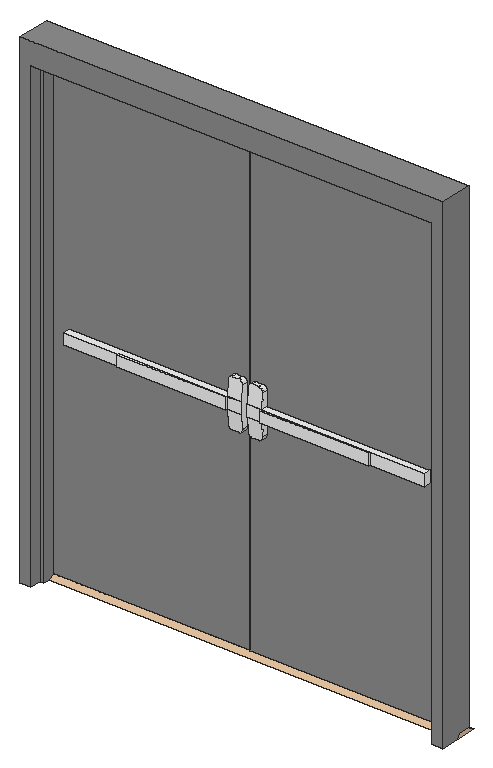
Revit family "M_Porta-Externa-Dupla", category Portas, Revit 2019
Family settings
  Hospedeiro = Parede
  Número OmniClass = 23.30.10.00
  Título OmniClass = Doors
  Sempre na vertical = Sim
  Corte com vazios quando carregada = Não
  Compartilhado = Não
  Ponto de cálculo do ambiente = Não
Parameters
  Visual Light Transmittance = 0
  Comprimento do limite [instance] = if(Moldura de alvenaria, Largura + 100 mm, Largura)  # 1900 mm
  Limite [instance] = yes
  Deslocamento do limite [instance] = if(Limite, 15 mm, 0 mm)  # 15 mm
  Material do limite = Cerejeira
  Espessura = 45 mm
  Resistência térmica (R) = 0.270118 (m²·K)/W
  Ângulo de abertura [instance] = 90.00°
  Altura do traçado = 1000 mm
  Solar Heat Gain Coefficient = 0
  SinglePanelWidth = Largura / 2  # 900 mm
  Rough Width [instance] = Largura + MFOpeningWidth  # 1900 mm
  Rough Height [instance] = Height + MFOpeningHeight  # 2200 mm
  Material da barra de pânico = Metal - Aço inoxidável
  Material do painel = Metal - Pintado - Cinza
  Moldura de alvenaria [instance] = yes
  MFOpeningHeight [instance] = if(Moldura de alvenaria, 100 mm, 30 mm)  # 100 mm
  MFOpeningWidth [instance] = if(Moldura de alvenaria, 100 mm, 60 mm)  # 100 mm
  Calcular inserção [instance] = if(Moldura de alvenaria, Inserção de alvenaria + 80 mm, 80 mm)  # 105 mm
  Inserção de alvenaria [instance] = 25 mm
  Height = 2100 mm
  Fechamento da parede = Por hospedeiro
  Largura = 1800 mm
  Coeficiente de transferência de calor (U) = 3.70223 W/(m²·K)
  Função = Exterior
  Material da moldura = Metal - Pintado - Cinza
  Profundidade da moldura de alvenaria = 150 mm
  Extração de material externo = Metal - Aço inoxidável
  Moldura de Dry Wall [instance] = not(Moldura de alvenaria)  # no
  Código de montagem = "B2030200"
  Construção analítica = "Metal"
Reference planes
  plane 1 "Centro (Frente/Trás)": y = 0
  plane 2 "Centro (Esquerda/Direita)": x = 0
  plane 3 "Esquerda": x = -950
  plane 4 "Direita": x = 950
  plane 5 "Superior": z = 2200
  plane 6 "Exterior": y = 107.95
  plane 7 "Interior": y = -95.25
  plane 8 "Painel direito da porta": x = -900
  plane 9 "Painel esquerdo da porta": x = 900
  plane 10 "Topo do painel": z = 2100
  plane 11: z = 0
  plane 12 "Face da porta interna": y = 37.95
  plane 13: z = 1000
  plane 14 "1": y = 82.95
  plane 15: y = -67.05
  plane 16: y = 33.187
  plane 17: x = -884.125
  plane 18: y = -17.838
  plane 19: z = 2149.2
  plane 20: y = 187.95
  plane 21: z = 2150
  plane 22: x = 920.05
  plane 23: x = 969.05
  plane 24: y = 120.65
  plane 25: y = -107.95
  plane 26: x = 904.175
  plane 27: y = 33.187
  plane 28: y = -4.913
  plane 29: y = 60.45
  plane 30: z = 1057.5
  plane 31: z = 15
  plane 32: z = 15
  plane 33: y = 215.9
  plane 34: x = -76.2
  plane 35: x = 76.2
Forms (mm)
  Extrusion 1, solid, material "Metal - Pintado - Cinza" <- "Material do painel"
    sketch origin (0, 0, 0) x (1, 0, 0) y (0, 0, 1)
      loop
        line (900, 2100) -> (1.587, 2100) -> (1.587, 15) -> (900, 15) -> (900, 2100)
      loop
        line (-900, 15) -> (-1.588, 15) -> (-1.588, 2100) -> (-900, 2100) -> (-900, 15)
    from -82.95 to -37.95
  Sweep 2, solid, material "Metal - Pintado - Cinza" <- "Material da moldura", visible <- "Moldura de alvenaria"
    path origin (0, 107.95, 0) x (1, 0, 0) y (0, 0, 1)
      loop
        line (950, 0) -> (950, 2150) -> (-950, 2150) -> (-950, 0)
    profile origin (-950, 107.95, 1075) x (0, -1, 0) y (1, 0, 0)
      loop
        line (25, 50) -> (25, 0) -> (175, 0) -> (175, 50) -> (125.787, 50) -> (125.787, 65.875) -> (74.762, 65.875) -> (74.762, 50) -> (25, 50)
  Extrusion 3, solid, material "Metal - Pintado - Cinza" <- "Material da moldura", visible <- "Moldura de alvenaria"
    sketch origin (0, 0, 0) x (0, 1, 0) y (0, 0, 1)
      loop
        line (82.95, 2200) -> (-67.05, 2200) -> (-67.05, 2149.2) -> (82.95, 2149.2) -> (82.95, 2200)
    from -950 to 950
  Sweep 4, solid, material "Metal - Pintado - Cinza" <- "Material da moldura", visible <- "Moldura de Dry Wall"
    path origin (0, 107.95, 0) x (1, 0, 0) y (0, 0, 1)
      loop
        line (950, 0) -> (950, 2200) -> (-950, 2200) -> (-950, 0)
    profile origin (950, 107.95, 1100) x (-1, 0, 0) y (0, -1, 0)
      loop
        line (-19.05, -12.7) -> (29.95, -12.7) -> (29.95, 74.762) -> (45.825, 74.762) -> (45.825, 112.862) -> (29.95, 112.862) -> (29.95, 215.9) -> (-19.05, 215.9) -> (-19.05, 203.2) -> (0, 203.2) -> (0, 0) -> (-19.05, 0) -> (-19.05, -12.7)
Cuts and joins
  joined: Sweep 2, Extrusion 3
Lines and regions (mm)
  Opening 1
    outline origin (-2286, -95.25, 0) x (1, 0, 0) y (0, 0, 1)
      loop
        line (1336, 0) -> (3236, 0) -> (3236, 2200) -> (1336, 2200) -> (1336, 0)
  Masking region 1, visible <- "Moldura de alvenaria", detail levels coarse+medium
    outline origin (0, 0, 0) x (1, 0, 0) y (0, 1, 0)
      loop
        line (-950, 82.95) -> (-950, -67.05) -> (-900, -67.05) -> (-900, 82.95) -> (-950, 82.95)
      loop
        line (950, 82.95) -> (900, 82.95) -> (900, -67.05) -> (950, -67.05) -> (950, 82.95)
  Masking region 2, visible <- "Moldura de alvenaria", detail levels fine
    outline origin (0, 0, 0) x (1, 0, 0) y (0, 1, 0)
      loop
        line (-950, 82.95) -> (-950, -67.05) -> (-900, -67.05) -> (-900, -17.838) -> (-884.125, -17.838) -> (-884.125, 33.187) -> (-900, 33.187) -> (-900, 82.95) -> (-950, 82.95)
      loop
        line (950, 82.95) -> (900, 82.95) -> (900, 33.187) -> (884.125, 33.187) -> (884.125, -17.838) -> (900, -17.838) -> (900, -67.05) -> (950, -67.05) -> (950, 82.95)
  Masking region 3, visible <- "Moldura de Dry Wall", detail levels coarse+medium
    outline origin (0, 0, 0) x (1, 0, 0) y (0, 1, 0)
      loop
        line (920.05, -95.25) -> (950, -95.25) -> (950, 107.95) -> (920.05, 107.95) -> (920.05, -95.25)
      loop
        line (-950, 107.95) -> (-950, -95.25) -> (-920.05, -95.25) -> (-920.05, 107.95) -> (-950, 107.95)
  Masking region 4, visible <- "Moldura de Dry Wall", detail levels fine
    outline origin (0, 0, 0) x (1, 0, 0) y (0, 1, 0)
      loop
        line (-969.05, 120.65) -> (-969.05, 107.95) -> (-950, 107.95) -> (-950, -95.25) -> (-969.05, -95.25) -> (-969.05, -107.95) -> (-920.05, -107.95) -> (-920.05, -4.913) -> (-904.175, -4.913) -> (-904.175, 33.187) -> (-920.05, 33.187) -> (-920.05, 120.65) -> (-969.05, 120.65)
      loop
        line (969.05, 107.95) -> (969.05, 120.65) -> (920.05, 120.65) -> (920.05, 33.187) -> (904.175, 33.187) -> (904.175, -4.913) -> (920.05, -4.913) -> (920.05, -107.95) -> (969.05, -107.95) -> (969.05, -95.25) -> (950, -95.25) -> (950, 107.95) -> (969.05, 107.95)
  symbolic lines, style "Giro da elevação"
    curve 1: line (0, 0, 2100) -> (900, 0, 1057.5)
    curve 2: line (900, 0, 1057.5) -> (0, 0, 14.954)
    curve 3: line (-900, 0, 1057.5) -> (0, 0, 2100)
    curve 4: line (-900, 0, 1057.5) -> (0, 0, 14.954)
Text (mm)
  text "Exterior" at (-1904.17, 693.701, 0), in view "Nível de referência"
  text "Interior" at (-1904.17, -638.649, 0), in view "Nível de referência"
  text "Exterior" at (0, 1019.848, 3124.603), in view "Direita"
  text "Interior" at (0, -1635.541, 3124.603), in view "Direita"
  text "Interior" at (0, -787.806, 3124.376), in view "Esquerda"
  text "Exterior" at (0, 1386.095, 3124.376), in view "Esquerda"
Dimensions and locks
  equal spacing: plane 3 "Esquerda", plane 2 "Centro (Esquerda/Direita)", plane 4 "Direita"
  "Rough Height": level to plane 5 "Superior"
  equal spacing: plane 8 "Painel direito da porta", plane 2 "Centro (Esquerda/Direita)", plane 9 "Painel esquerdo da porta"
  "Largura": plane 8 "Painel direito da porta" to plane 9 "Painel esquerdo da porta"
  "Height": level to plane 10 "Topo do painel"
  "Rough Width": plane 3 "Esquerda" to plane 4 "Direita"
  "Espessura": plane 14 "1" to plane 12 "Face da porta interna"
  "Profundidade da moldura de alvenaria": plane 14 "1" to plane 15
  locked: plane 12 "Face da porta interna" to plane 16 at 4.763
  locked: plane 15 to plane 18 at 49.213
  locked: plane 8 "Painel direito da porta" to plane 17 at 15.875
  locked: plane 19 to plane 5 "Superior" at 50.8
  locked: plane 6 "Exterior" to plane 20 at 80
  "Calcular inserção": plane 20 to plane 14 "1"
  locked: plane 10 "Topo do painel" to plane 21 at 50
  locked: plane 4 "Direita" to plane 23 at 19.05
  locked: plane 6 "Exterior" to plane 24 at 12.7
  locked: plane 25 to plane 7 "Interior" at 12.7
  locked: plane 22 to plane 23 at 49
  plane 12 "Face da porta interna" to plane 27 to plane 28 = 4.763 mm locked, 38.1 mm locked
  locked: plane 26 to plane 22 at 15.875
  "Altura do traçado": plane 11 to plane 13
  locked: Extrusion 1 sketch curve to plane 2 "Centro (Esquerda/Direita)" at 1.588
  locked: plane 2 "Centro (Esquerda/Direita)" to Extrusion 1 sketch curve at 1.587
  equal spacing: plane 14 "1", plane 29, plane 12 "Face da porta interna"
  locked: plane 31 to plane 32
  equal spacing: plane 31, plane 30, plane 10 "Topo do painel"
  "Deslocamento do limite": plane 32 to plane 11
  equal spacing: plane 35, plane 2 "Centro (Esquerda/Direita)", plane 34
  locked: plane 35 to plane 2 "Centro (Esquerda/Direita)" at 76.2
  aligned and locked: plane 3 "Esquerda" to Opening 1 sketch curve
  aligned and locked: plane 5 "Superior" to Opening 1 sketch curve  (x2)
  aligned and locked: Opening 1 sketch curve to plane 4 "Direita"
  aligned and locked: Opening 1 sketch curve to level
  aligned and locked: plane 6 "Exterior" to host wall
  aligned and locked: plane 7 "Interior" to host wall
  aligned and locked: plane 11 to level
  aligned and locked: Extrusion 1 sketch curve to plane 10 "Topo do painel"
  aligned and locked: Extrusion 1 sketch curve to plane 8 "Painel direito da porta"
  aligned and locked: plane 9 "Painel esquerdo da porta" to Extrusion 1 sketch curve
  aligned and locked: Extrusion 1 to plane 12 "Face da porta interna"
  aligned and locked: nested 1 to plane 9 "Painel esquerdo da porta"
  aligned and locked: nested 1 to plane 14 "1"
  aligned and locked: Extrusion 1 to nested 1
  aligned and locked: Sweep 2 sketch curve to plane 3 "Esquerda"  (x2)
  aligned and locked: plane 11 to Sweep 2 sketch curve  (x2)
  aligned and locked: plane 17 to Sweep 2 sketch curve
  aligned and locked: plane 8 "Painel direito da porta" to Sweep 2 sketch curve  (x2)
  aligned and locked: Sweep 2 sketch curve to plane 16
  aligned and locked: plane 18 to Sweep 2 sketch curve
  aligned and locked: plane 15 to Sweep 2 sketch curve
  aligned and locked: Sweep 2 sketch curve to plane 14 "1"
  aligned and locked: Sweep 2 sketch curve to plane 4 "Direita"
  aligned and locked: plane 5 "Superior" to Extrusion 3 sketch curve
  aligned and locked: Extrusion 3 sketch curve to plane 15
  aligned and locked: Extrusion 3 sketch curve to plane 14 "1"
  aligned and locked: plane 19 to Extrusion 3 sketch curve
  aligned and locked: cut or joined group of Sweep 2, Extrusion 3 to plane 4 "Direita"
  aligned and locked: plane 3 "Esquerda" to cut or joined group of Sweep 2, Extrusion 3
  aligned and locked: Masking region 1 sketch curve to plane 14 "1"  (x2)
  aligned and locked: plane 8 "Painel direito da porta" to Masking region 1 sketch curve
  aligned and locked: plane 15 to Masking region 1 sketch curve  (x2)
  aligned and locked: Masking region 1 sketch curve to plane 3 "Esquerda"
  aligned and locked: Masking region 1 sketch curve to plane 4 "Direita"
  aligned and locked: plane 9 "Painel esquerdo da porta" to Masking region 1 sketch curve
  aligned and locked: Masking region 2 sketch curve to plane 3 "Esquerda"
  aligned and locked: plane 15 to Masking region 2 sketch curve  (x2)
  aligned and locked: plane 8 "Painel direito da porta" to Masking region 2 sketch curve  (x2)
  aligned and locked: Masking region 2 sketch curve to plane 14 "1"  (x2)
  aligned and locked: Masking region 2 sketch curve to cut or joined group of Sweep 2, Extrusion 3  (x4)
  aligned and locked: Masking region 2 sketch curve to plane 4 "Direita"
  aligned and locked: plane 9 "Painel esquerdo da porta" to Masking region 2 sketch curve  (x2)
  aligned and locked: cut or joined group of Sweep 2, Extrusion 3 to Masking region 2 sketch curve  (x2)
  aligned and locked: Sweep 2 sketch curve to plane 21
  aligned and locked: plane 4 "Direita" to Sweep 4 sketch curve
  aligned and locked: Sweep 4 sketch curve to plane 3 "Esquerda"
  aligned and locked: plane 23 to Sweep 4 sketch curve  (x2)
  aligned and locked: Sweep 4 sketch curve to plane 7 "Interior"
  aligned and locked: plane 25 to Sweep 4 sketch curve
  aligned and locked: Sweep 4 sketch curve to plane 22  (x2)
  aligned and locked: plane 28 to Sweep 4 sketch curve
  aligned and locked: plane 26 to Sweep 4 sketch curve
  aligned and locked: Sweep 4 sketch curve to plane 27
  aligned and locked: Sweep 4 sketch curve to plane 24
  aligned and locked: plane 6 "Exterior" to Sweep 4 sketch curve
  aligned and locked: Sweep 4 sketch curve to plane 4 "Direita"
  aligned and locked: plane 5 "Superior" to Sweep 4 sketch curve
  aligned and locked: Masking region 3 sketch curve to plane 6 "Exterior"
  aligned and locked: plane 7 "Interior" to Masking region 3 sketch curve
  aligned and locked: Masking region 3 sketch curve to plane 4 "Direita"
  aligned and locked: Masking region 3 sketch curve to Sweep 4  (x2)
  aligned and locked: plane 6 "Exterior" to Masking region 3 sketch curve
  aligned and locked: Masking region 3 sketch curve to plane 3 "Esquerda"
  aligned and locked: Masking region 3 sketch curve to plane 7 "Interior"
  aligned and locked: Masking region 4 sketch curve to plane 3 "Esquerda"
  aligned and locked: Masking region 4 sketch curve to Sweep 4  (x13)
  aligned and locked: Masking region 4 sketch curve to plane 6 "Exterior"
  aligned and locked: plane 7 "Interior" to Masking region 4 sketch curve
  aligned and locked: Masking region 4 sketch curve to plane 4 "Direita"
  aligned and locked: Masking region 4 sketch curve to plane 7 "Interior"
  aligned and locked: Sweep 4 to Masking region 4 sketch curve  (x5)
  aligned and locked: plane 6 "Exterior" to Masking region 4 sketch curve
  aligned and locked: plane 11 to Sweep 4 sketch curve  (x2)
  aligned and locked: nested 2 to plane 8 "Painel direito da porta"
  aligned and locked: plane 14 "1" to nested 2
  aligned and locked: plane 31 to Extrusion 1 sketch curve  (x2)
  aligned and locked: plane 2 "Centro (Esquerda/Direita)" to curve 2
  aligned and locked: plane 13 to nested 3
  aligned and locked: plane 13 to nested 4
  aligned and locked: nested 3 to plane 34
  aligned and locked: plane 35 to nested 4
  aligned and locked: plane 13 to nested 5
  aligned and locked: plane 35 to nested 5
  aligned and locked: nested 7 to plane 34
  aligned and locked: nested 7 to plane 13
  aligned and locked: plane 12 "Face da porta interna" to nested 7
  aligned and locked: nested 5 to plane 12 "Face da porta interna"
  aligned and locked: nested 3 to Extrusion 1
  aligned and locked: nested 4 to Extrusion 1
  aligned and locked: nested 6 to plane 2 "Centro (Esquerda/Direita)"
  aligned and locked: plane 29 to nested 6
Automatic sketch dimensions
  Extrusion 1 sketch curve to plane 10 "Topo do painel" = 0 mm
  plane 8 "Painel direito da porta" to curve 4 = 0 mm
  curve 3 to plane 2 "Centro (Esquerda/Direita)" = 0 mm
  plane 9 "Painel esquerdo da porta" to curve 2 = 0 mm
  curve 2 to plane 30 = 0 mm
  curve 3 to plane 30 = 0 mm
  curve 3 to plane 10 "Topo do painel" = 0 mm
  curve 4 to plane 31 = 0.046 mm
Nested families
  nested 1: "Porta com abertura única" at (900, 82.95, 0), Ângulo de abertura <- "Ângulo de abertura", type "Único"
    with Abertura visível yes, Ângulo de abertura 90.00°, Ângulo real 90.00°
  nested 2: "Porta com abertura única" at (-900, 82.95, 0) x (-1, 0, 0) z (0, 0, 1), Ângulo de abertura <- "Ângulo de abertura", type "Único"
    with Abertura visível yes, Ângulo de abertura 90.00°, Ângulo real 90.00°
  nested 3: "M_Extremidade externa" at (-76.2, 82.95, 1000), type "Com tranca", detail levels fine
    with Largura 80 mm, Espessura 15 mm, Height 350 mm
  nested 4: "M_Extremidade externa" at (76.2, 82.95, 1000), type "Sem tranca", detail levels fine
    with Largura 80 mm, Espessura 15 mm, Height 350 mm
  nested 5: "M_Barra de pânico" at (76.2, 37.95, 1000), type "Padrão", detail levels fine
    with Largura do painel da porta 900 mm, Comprimento total 798.4 mm
  nested 6: "Limite" at (0, 60.45, 0) x (0, -1, 0) z (0, 0, 1), visible <- "Limite", type "Limite"
    with Comprimento do limite 1900 mm, Largura do painel 45 mm
  nested 7: "M_Barra de pânico" at (-76.2, 37.95, 1000) x (-1, 0, 0) z (0, 0, 1), type "Padrão", detail levels fine
    with Largura do painel da porta 900 mm, Comprimento total 798.4 mm
Definition of nested family "M_Extremidade externa"
  Parameters (values of type "Com tranca")
    Width = 76.2 mm
    Thickness = 12.7 mm
    Material = none
    Tranca = yes
    Height = 355.6 mm
    Analytic Construction = "<Nenhum>"
  Types (2, lengths in mm): name | Tranca
    Com tranca | yes
    Sem tranca | no
  Reference planes
    plane 1 "Centro (Frente/Trás)": y = 0
    plane 2: z = 0
    plane 3 "Centro (Esquerda/Direita)": x = 0
    plane 4: z = -177.8
    plane 5: z = 177.8
    plane 6: x = 38.1
    plane 7: x = -38.1
    plane 8: z = 101.6
    plane 9: y = -6.35
    plane 10: y = 8.467
    plane 11: y = 12.7
    plane 12: y = 21.431
  Forms (mm)
    Extrusion 1, solid, material <- "Material"
      sketch origin (0, 0, 0) x (1, 0, 0) y (0, 0, 1)
        loop
          line (38.1, -177.8) -> (38.1, 177.8)
          arc (38.1, 177.8) -> (0, 186.335) -> (-38.1, 177.8) r 89.302
          line (-38.1, 177.8) -> (-38.1, -177.8)
          arc (-38.1, -177.8) -> (0, -186.335) -> (38.1, -177.8) r 89.302
      from -12.7 to 0
    Extrusion 2, solid, material <- "Material", visible <- "Tranca"
      sketch origin (0, 0, 0) x (1, 0, 0) y (0, 0, 1)
        loop
          circle (0, 101.6) r 19
      from -21.431 to -12.7
    Sweep 3, solid, material <- "Material"
      path origin (0, 0, 0) x (0, 1, 0) y (0, 0, 1)
        loop
          line (12.7, 0) -> (38.1, 0)
          arc (38.1, 0) -> (47.08, -3.72) -> (50.8, -12.7) r 12.7
          line (50.8, -12.7) -> (50.8, -114.3)
          arc (50.8, -114.3) -> (47.08, -123.28) -> (38.1, -127) r 12.7
          line (38.1, -127) -> (12.7, -127)
      profile origin (0, 25.4, 0) x (0, 0, 1) y (1, 0, 0)
        loop
          line (-1.191, -10) -> (1.191, -10)
          arc (1.191, -10) -> (3.716, -8.954) -> (4.763, -6.428) r 3.572
          line (4.763, -6.428) -> (4.763, 6.428)
          arc (4.763, 6.428) -> (3.716, 8.954) -> (1.191, 10) r 3.572
          line (1.191, 10) -> (-1.191, 10)
          arc (-1.191, 10) -> (-3.716, 8.954) -> (-4.763, 6.428) r 3.572
          line (-4.763, 6.428) -> (-4.763, -6.428)
          arc (-4.763, -6.428) -> (-3.716, -8.954) -> (-1.191, -10) r 3.572
  Dimensions and locks
    equal spacing: plane 4, plane 2, plane 5
    "Height": plane 4 to plane 5
    equal spacing: plane 7, plane 3 "Centro (Esquerda/Direita)", plane 6
    "Width": plane 7 to plane 6
    plane 8 to plane 5 = 76.2 mm
    plane 1 "Centro (Frente/Trás)" to plane 9 = 6.35 mm
    "Thickness": plane 11 to plane 1 "Centro (Frente/Trás)"
    locked: plane 12 to plane 11 at 8.731
    aligned and locked: plane 2 to level
    aligned and locked: Extrusion 1 sketch curve to plane 6
    aligned and locked: Extrusion 1 sketch curve to plane 7
    aligned and locked: plane 11 to Extrusion 1
    aligned and locked: plane 1 "Centro (Frente/Trás)" to Extrusion 1
    aligned and locked: Extrusion 2 to plane 12
    aligned and locked: Extrusion 2 to plane 11
  Automatic sketch dimensions
    Extrusion 1 sketch curve to plane 3 "Centro (Esquerda/Direita)" = 0 mm  (x2)
    Extrusion 1 sketch curve to plane 5 = 0 mm
    plane 4 to Extrusion 1 sketch curve = 80.766 mm
    plane 5 to Extrusion 1 sketch curve = 80.766 mm
    Extrusion 1 sketch curve to plane 4 = 0 mm
    Sweep 3 sketch curve to level = 0 mm
    Sweep 3 sketch curve to plane 1 "Centro (Frente/Trás)" = 12.7 mm  (x2)
    plane 10 to Sweep 3 sketch curve = 29.633 mm  (x2)
    Sweep 3 sketch curve to Sweep 3 sketch curve = 12.7 mm
    plane 4 to Sweep 3 sketch curve = 63.5 mm
    profile plane to Sweep 3 sketch curve = 4.763 mm
    profile plane to Sweep 3 sketch curve = 1.191 mm  (x2)
    Sweep 3 sketch curve to profile plane = 1.191 mm  (x2)
    Sweep 3 sketch curve to Sweep 3 sketch curve = 3.572 mm
    Sweep 3 sketch curve to plane 3 "Centro (Esquerda/Direita)" = 10 mm
    plane 3 "Centro (Esquerda/Direita)" to Sweep 3 sketch curve = 6.428 mm
    Extrusion 2 sketch curve to plane 3 "Centro (Esquerda/Direita)" = 0 mm
    Extrusion 2 sketch curve to plane 8 = 0 mm
    radius of Extrusion 2 sketch curve = 19 mm
Definition of nested family "M_Barra de pânico"
  Parameters (values of type "Padrão")
    Width = 0 mm
    Thickness = 0 mm
    Material = none
    Largura do painel da porta = 914.4 mm
    Comprimento total = Largura do painel da porta - 101.6 mm  # 812.8 mm
    Height = 0 mm
    Analytic Construction = "<Nenhum>"
  Reference planes
    plane 1 "Centro (Frente/Trás)": y = 0
    plane 2: z = 0
    plane 3 "Centro (Esquerda/Direita)": x = 0
    plane 4: x = 749.3
    plane 5: x = -63.5
    plane 6: z = 107.95
    plane 7: z = 25.4
    plane 8: z = -25.4
    plane 9: x = 499.533
    plane 10: y = -31.75
    plane 11: y = -28.575
    plane 12: z = -107.95
    plane 13: y = -38.1
    plane 14: x = 249.767
    plane 15: x = -31.75
  Forms (mm)
    Extrusion 1, solid, material <- "Material"
      sketch origin (0, 0, 0) x (1, 0, 0) y (0, 0, 1)
        loop
          line (-44.45, -107.95) -> (-19.05, -107.95)
          arc (-19.05, -107.95) -> (-5.58, -102.37) -> (0, -88.9) r 19.05
          line (0, -88.9) -> (0, 88.9)
          arc (0, 88.9) -> (-5.58, 102.37) -> (-19.05, 107.95) r 19.05
          line (-19.05, 107.95) -> (-44.45, 107.95)
          arc (-44.45, 107.95) -> (-57.92, 102.37) -> (-63.5, 88.9) r 19.05
          line (-63.5, 88.9) -> (-63.5, -88.9)
          arc (-63.5, -88.9) -> (-57.92, -102.37) -> (-44.45, -107.95) r 19.05
      from 0 to 28.575
    Extrusion 2, solid, material <- "Material"
      sketch origin (0, 0, 0) x (1, 0, 0) y (0, 0, 1)
        loop
          line (-63.5, 25.4) -> (-63.5, -25.4) -> (749.3, -25.4) -> (749.3, 25.4) -> (-63.5, 25.4)
      from 0 to 31.75
    Extrusion 3, solid, material <- "Material"
      sketch origin (0, 0, 0) x (1, 0, 0) y (0, 0, 1)
        loop
          line (0, 25.4) -> (0, -25.4) -> (499.533, -25.4) -> (499.533, 25.4) -> (0, 25.4)
      from 31.75 to 38.1
    Extrusion 4, void
      sketch origin (0, 0, 0) x (0, 1, 0) y (0, 0, 1)
        loop
          line (-38.1, 107.95) -> (-38.1, 25.4) -> (-28.575, 25.4) -> (-22.062, 107.95) -> (-38.1, 107.95)
        loop
          line (-38.1, -107.95) -> (-22.062, -107.95) -> (-28.575, -25.4) -> (-38.1, -25.4) -> (-38.1, -107.95)
      from -63.5 to 0
  Cuts and joins
    Extrusion 4 cuts Extrusion 1
    Extrusion 4 cuts Extrusion 2
    joined: Extrusion 1, Extrusion 2
    Extrusion 4 cuts Extrusion 3
  Dimensions and locks
    equal spacing: plane 6, plane 2, plane 12
    locked: plane 6 to plane 12 at 215.9
    plane 1 "Centro (Frente/Trás)" to plane 10 = 31.75 mm
    "Comprimento total": plane 5 to plane 4
    plane 7 to plane 8 = 50.8 mm
    equal spacing: plane 7, level, plane 8
    plane 11 to plane 1 "Centro (Frente/Trás)" = 28.575 mm
    locked: plane 13 to plane 10 at 6.35
    equal spacing: plane 4, plane 9, plane 14, plane 3 "Centro (Esquerda/Direita)"
    locked: plane 3 "Centro (Esquerda/Direita)" to plane 5 at 63.5
    equal spacing: plane 3 "Centro (Esquerda/Direita)", plane 15, plane 5
    radius of Extrusion 1 sketch curve = 19.05 mm  (x4)
    aligned and locked: plane 2 to level
    aligned and locked: plane 4 to cut or joined group of Extrusion 1, Extrusion 2, Extrusion 4
    aligned and locked: plane 13 to Extrusion 3
    aligned and locked: Extrusion 1 to plane 1 "Centro (Frente/Trás)"
    aligned and locked: Extrusion 2 to plane 1 "Centro (Frente/Trás)"
    aligned and locked: cut or joined group of Extrusion 1, Extrusion 2, Extrusion 4 to plane 11
    aligned and locked: Extrusion 3 to plane 10
    aligned and locked: plane 10 to cut or joined group of Extrusion 1, Extrusion 2, Extrusion 4
    aligned and locked: plane 5 to Extrusion 2 sketch curve
    aligned and locked: Extrusion 4 to Extrusion 3
    aligned and locked: Extrusion 4 to plane 5
    aligned and locked: cut or joined group of Extrusion 3, Extrusion 4 to plane 3 "Centro (Esquerda/Direita)"
  Automatic sketch dimensions
    Extrusion 3 sketch curve to plane 8 = 0 mm
    Extrusion 3 sketch curve to plane 7 = 0 mm
    Extrusion 3 sketch curve to plane 9 = 0 mm
    Extrusion 1 sketch curve to plane 5 = 0 mm
    Extrusion 1 sketch curve to plane 6 = 0 mm
    Extrusion 1 sketch curve to plane 12 = 0 mm
    Extrusion 1 sketch curve to plane 3 "Centro (Esquerda/Direita)" = 19.05 mm
    Extrusion 2 sketch curve to plane 4 = 0 mm
    Extrusion 2 sketch curve to plane 8 = 0 mm
    Extrusion 2 sketch curve to plane 7 = 0 mm
    Extrusion 4 sketch curve to plane 6 = 0 mm
    Extrusion 4 sketch curve to plane 13 = 0 mm  (x2)
    plane 8 to Extrusion 4 sketch curve = 0 mm
    Extrusion 4 sketch curve to plane 7 = 0 mm
    Extrusion 4 sketch curve to plane 11 = 0 mm  (x2)
    plane 12 to Extrusion 4 sketch curve = 0 mm
    Extrusion 4 sketch curve to plane 11 = 6.513 mm  (x2)
    plane 3 "Centro (Esquerda/Direita)" to Extrusion 3 sketch curve = 0 mm
Definition of nested family "Limite"
  Parameters (values of type "Limite")
    Comprimento do limite = 1500 mm
    Altura do limite = 15 mm
    Largura do painel = 35 mm
    Material = none
    Analytic Construction = "<Nenhum>"
  Reference planes
    plane 1 "Centro (Frente/Trás)": y = 0
    plane 2: z = 0
    plane 3 "Centro (Esquerda/Direita)": x = 0
    plane 4: x = -42.9
    plane 5: x = 42.9
    plane 6: z = 15
    plane 7: x = -17.5
    plane 8: x = 17.5
    plane 9: y = 750
    plane 10: y = -750
  Forms (mm)
    Extrusion 1, solid, material <- "Material"
      sketch origin (0, 0, 0) x (1, 0, 0) y (0, 0, 1)
        loop
          line (-42.9, 0) -> (42.9, 0) -> (17.5, 15) -> (-17.5, 15) -> (-42.9, 0)
      from -750 to 750
  Dimensions and locks
    "Altura do limite": plane 6 to plane 2
    equal spacing: plane 8, plane 3 "Centro (Esquerda/Direita)", plane 7
    "Largura do painel": plane 8 to plane 7
    equal spacing: plane 9, plane 1 "Centro (Frente/Trás)", plane 10
    "Comprimento do limite": plane 9 to plane 10
    locked: plane 7 to plane 4 at 25.4
    locked: plane 8 to plane 5 at 25.4
    aligned and locked: plane 2 to level
    aligned and locked: Extrusion 1 sketch curve to plane 6
    aligned and locked: Extrusion 1 sketch curve to plane 2
    aligned and locked: plane 5 to Extrusion 1 sketch curve
    aligned and locked: plane 7 to Extrusion 1 sketch curve
    aligned and locked: plane 8 to Extrusion 1 sketch curve
    aligned and locked: plane 9 to Extrusion 1
    aligned and locked: plane 10 to Extrusion 1
  Automatic sketch dimensions
    Extrusion 1 sketch curve to plane 4 = 0 mm
Definition of nested family "Porta com abertura única"
  Parameters (values of type "Único")
    Width = 900 mm
    Thickness = 45 mm
    Abertura visível [instance] = Ângulo de abertura > 1.00°  # yes
    Ângulo de abertura [instance] = 45.00°
    Assembly Code = ""
    Analytic Construction = "<Nenhum>"
    Ângulo real [instance] = if(Ângulo de abertura < 1.00°, 1.00°, Ângulo de abertura)  # 45.00°
  Reference planes
    plane 1 "Centro (Frente/Trás)": y = 0
    plane 2: z = 0
    plane 3 "Centro (Esquerda/Direita)": x = 0
    plane 4: x = -900
  Lines and regions (mm)
    Masking region 1
      outline origin (0, 0, 0) x (-0.707107, 0.707107, 0) y (-0.707107, -0.707107, 0)
        loop
          line (0, 0) -> (900, 0) -> (900, 45) -> (0, 45) -> (0, 0)
    symbolic lines
      curve 1: line (0, 0, 0) -> (-900, 0, 0)
    symbolic lines, visible <- "Abertura visível"
      curve 2: arc (-900, 0, 0) -> (-831.492, 344.415, 0) -> (-636.396, 636.396, 0) r 900
    reference lines
      curve 3: line (0, 0, 0) -> (-636.396, 636.396, 0)
    model lines
      curve 4: line (0, 0, 0) -> (0, 0, 25.4)
  Dimensions and locks
    "Width": plane 4 to plane 3 "Centro (Esquerda/Direita)"
    locked: curve 2 to plane 3 "Centro (Esquerda/Direita)"
    locked: curve 2 to plane 1 "Centro (Frente/Trás)"
    "Width": curve 3 to curve 3
    "Thickness": Masking region 1 sketch curve to Masking region 1 sketch curve
    locked: curve 4 to plane 2 at 25.4
    "Width": radius of curve 2
    "Ângulo real": angle curve 2 to curve 2
    "Ângulo de abertura": angle curve 3 to plane 1 "Centro (Frente/Trás)"
    aligned and locked: curve 1 to plane 1 "Centro (Frente/Trás)"
    aligned and locked: plane 3 "Centro (Esquerda/Direita)" to curve 1
    aligned and locked: plane 3 "Centro (Esquerda/Direita)" to curve 3
    aligned and locked: plane 1 "Centro (Frente/Trás)" to curve 3
    aligned and locked: curve 3 to Masking region 1 sketch curve
    aligned and locked: Masking region 1 sketch curve to curve 3  (x2)
    aligned and locked: plane 3 "Centro (Esquerda/Direita)" to curve 4
    aligned and locked: plane 2 to curve 4
Types in the file's own list only (7): name | Transmissão de luz visual | Resistência térmica (R) | Coeficiente de ganho de calor solar | SinglePanelWidth | Altura | Largura | Coeficiente de transferência de calor (U)
  1800 x 2000mm | 0 | 0.2701 (m²·K)/W | 0 | 900 mm | 2000 mm | 1800 mm | 3.7022 W/(m²·K)
  1800 x 2050mm | 0 | 0.2701 (m²·K)/W | 0 | 900 mm | 2050 mm | 1800 mm | 3.7022 W/(m²·K)
  1800 x 2100mm | 0 | 0.2701 (m²·K)/W | 0 | 900 mm | 2100 mm | 1800 mm | 3.7022 W/(m²·K)
  2100 x 2000mm | 0 | 0.2701 (m²·K)/W | 0 | 1050 mm | 2000 mm | 2100 mm | 3.7022 W/(m²·K)
  2100 x 2100mm | 0 | 0.2701 (m²·K)/W | 0 | 1050 mm | 2100 mm | 2100 mm | 3.7022 W/(m²·K)
  2400 x 2000mm | 0 | 0.2701 (m²·K)/W | 0 | 1200 mm | 2000 mm | 2400 mm | 3.7022 W/(m²·K)
  2400 x 2100mm | 0 | 0.2701 (m²·K)/W | 0 | 1200 mm | 2100 mm | 2400 mm | 3.7022 W/(m²·K)
